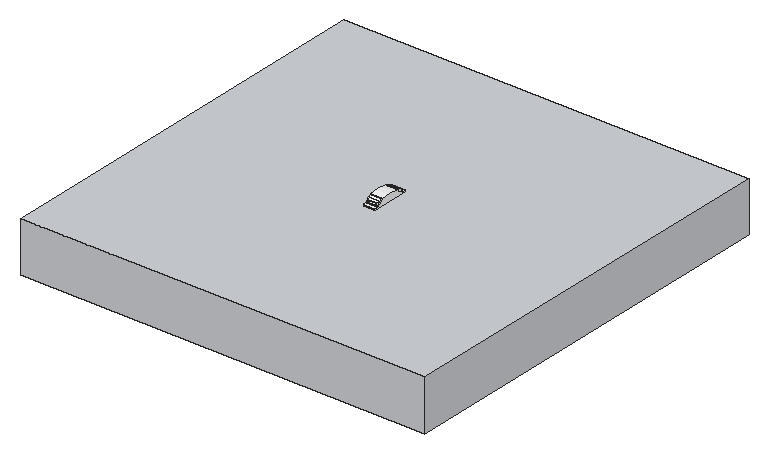
Revit family "Legrand_Lighting_Management_Actuator", category Dispositifs d'éclairage, Revit 2020
Family settings
  Hôte = Face
  Conserver l'orientation des annotations = Non
  Cote de connecteur circulaire = Utiliser le diamètre
  Type d'élément = Normal
  Couper avec des vides une fois chargée = Non
  Partagée = Non
  Point de calcul de pièce = Non
Parameters (values of type "ON/OFF")
  Voltage type = ""
  URL = "http://www.legrandoc.com/048850"
  Temperature (MIN) (°C) = 0
  Temperature (MAX) (°C) = 0
  Suitable for wireless transmission = no
  Substation input = yes
  Response value sensitivity adjustable = no
  Response value luminosity adjustable = no
  Response value luminosity (MIN) (lx) = 0
  Response value luminosity (MAX) (lx) = 0
  Remote operation = no
  RAL-number (akin) = 0
  Nominal voltage (V) = 230
  Mounting method = "Surface mounted (plaster)"
  Modèle = "048850"
  Model = ""
  Min. switch-on time (s) = 0
  Maximum mounting height (m) = 0
  Max. transmission range sideways (m) = 0
  Max. transmission range frontally (m) = 0
  Max. switching power (W) = 0
  Max. starting current (A) = 0
  Max. duty cycle (mn) = 0
  Liaison neutre = no
  HVAC-control = no
  General Conditions of Use = "https://export.legrand.com/en/terms-of-use-BIM-objects"
  Frequency (MIN) (Hz) = 50
  Frequency (MAX) (Hz) = 60
  Forced switch off = no
  Fabricant = "Legrand"
  Default Elevation = 1219.2 mm
  Dim function with dimmer basic element = no
  Diameter detection range on floor (m) = 0
  Detection angle horizontal (MIN) (°) = 0
  Detection angle horizontal (MAX) (°) = 0
  Description = "Lighting management-power pack-ceiling mounting-2 outputs-1x16 A+dry contact"
  Degree of protection (IP) = ""
  Cosses d'artère secondaire = no
  Constant light control = no
  Colour = none
  Collecteur de terre = no
  Alarm function = no
Types (4, lengths in mm): name | URL | Modèle | Description
  (no name) | "http://www.legrandoc.com/048852" | "048852" | "Dimming lighting controlller - 1 input-2 outputs 1-10 V"
  ON/OFF | "http://www.legrandoc.com/048850" | "048850" | "Lighting management-power pack-ceiling mounting-2 outputs-1x16 A+dry contact"
  DALI | "http://www.legrandoc.com/048851" | "048851" | "Room controller for DALI and DSI dimming - 1 input - 2 outputs"
  0-10V | "http://www.legrandoc.com/048852" | "048852" | "Dimming lighting controlller - 1 input-2 outputs 1-10 V"
Reference planes
  plane 1 "Centre (avant/arrière)": y = 0
  plane 2: z = 0
  plane 3 "Centre (gauche/droite)": x = 0
Forms (mm)
  Extrusion 1, solid
    sketch origin (0, 0, 0) x (1, 0, 0) y (0, 1, 0)
      loop
        line (-1219.2, 1219.2) -> (-1219.2, -1219.2) -> (1219.2, -1219.2) -> (1219.2, 1219.2) -> (-1219.2, 1219.2)
    from 0 to -304.8
Dimensions and locks
  aligned and locked: plane 2 to Extrusion 1
  aligned and locked: level to Extrusion 1
Nested families
  nested 1: "Modélisations 42 et 43" at (0, 0, 0), type "Modélisations 42 et 43"
Connectors
  electrical at (0, 0, 0)
    settings: index 1, voltage 230 V, apparent load 0 VA, apparent load phase1 0 VA, apparent load phase2 0 VA, apparent load phase3 0 VA, power factor 1, load classification "Eclairage", number of poles 1, system type 30, power factor state 1, is connector primary yes, connector utility no, sub classification motor no, connector description ""
Definition of nested family "Modélisations 42 et 43"
  Parameters (values of type "Modélisations 42 et 43")
    Profondeur totale = 82 mm
    Matériau couleur = none
    Longueur capot = 65 mm
    Largeur capot = 52 mm
    built-in parameter 1140140 [instance] = 1 (stored number, unit not read)
    Default Elevation = 0 mm
    Diamètre capot = 102 mm
    Ray Capot = Diamètre capot / 2  # 51 mm
    built-in parameter 1140142 [instance] = -1
    built-in parameter 1155100 [instance] = -1
  Reference planes
    plane 1 "Centre (avant/arrière)": y = 0
    plane 2: z = 0
    plane 3 "Centre (gauche/droite)": x = 0
  Forms (mm)
    Extrusion 1, solid, material <- "Matériau couleur"
      sketch origin (0, 0, 0) x (1, 0, 0) y (0, 1, 0)
        loop
          line (-35.5, 0) -> (-35.5, -108.239)
          arc (-35.5, -108.239) -> (-34.746, -111.454) -> (-33.278, -114.413) r 14.377
          arc (-33.278, -114.413) -> (-32.371, -115.193) -> (-31.215, -115.5) r 2.672
          line (-31.215, -115.5) -> (31.215, -115.5)
          arc (31.215, -115.5) -> (32.371, -115.193) -> (33.278, -114.413) r 2.672
          arc (33.278, -114.413) -> (34.746, -111.454) -> (35.5, -108.239) r 14.377
          line (35.5, -108.239) -> (35.5, 0) -> (35.5, 108.239)
          arc (35.5, 108.239) -> (34.81, 111.273) -> (33.483, 114.087) r 14.377
          arc (33.483, 114.087) -> (32.538, 115.098) -> (31.215, 115.5) r 2.672
          line (31.215, 115.5) -> (-31.215, 115.5)
          arc (-31.215, 115.5) -> (-32.371, 115.193) -> (-33.278, 114.413) r 2.672
          arc (-33.278, 114.413) -> (-34.746, 111.454) -> (-35.5, 108.239) r 14.377
          line (-35.5, 108.239) -> (-35.5, 0)
      from 0 to 7
    Extrusion 2, solid, material <- "Matériau couleur"
      sketch origin (0, 0, 0) x (0, 1, 0) y (0, 0, 1)
        loop
          line (91.261, 7) -> (91.261, 10.026)
          arc (91.261, 10.026) -> (70.41, 16.288) -> (57.75, 34) r 33.666
          line (57.75, 34) -> (57.75, 37)
          arc (57.75, 37) -> (0, 44) -> (-57.75, 37) r 241.719
          line (-57.75, 37) -> (-57.75, 34)
          arc (-57.75, 34) -> (-70.41, 16.288) -> (-91.261, 10.026) r 33.666
          line (-91.261, 10.026) -> (-91.261, 7) -> (91.261, 7)
      from -35.5 to 35.5
    Extrusion 3, solid, material <- "Matériau couleur"
      sketch origin (0, 0, 0) x (0, -1, 0) y (0, 0, -1)
        loop
          arc (57.75, -36.5) -> (67.379, -33.919) -> (76.893, -30.944) r 241.719
          arc (76.893, -30.944) -> (83.554, -28.175) -> (89.761, -24.502) r 51.421
          line (89.761, -24.502) -> (89.761, -10.003)
          arc (89.761, -10.003) -> (69.804, -16.731) -> (57.75, -34) r 33.666
          line (57.75, -34) -> (57.75, -36.5)
      from -33.998 to 34.012
    Extrusion 4, void
      sketch origin (0, 0, 0) x (1, 0, 0) y (0, 0, 1)
        loop
          line (-24.5, 9.373) -> (24.5, 9.373) -> (24.5, 17.944)
          arc (24.5, 17.944) -> (23.464, 20.444) -> (20.964, 21.48) r 3.536
          line (20.964, 21.48) -> (-20.964, 21.48)
          arc (-20.964, 21.48) -> (-23.464, 20.444) -> (-24.5, 17.944) r 3.536
          line (-24.5, 17.944) -> (-24.5, 9.373)
      from -94.5 to 93.09
    Extrusion 5, solid, material <- "Matériau couleur"
      sketch origin (0, 0, 0) x (0, 1, 0) y (0, 0, 1)
        loop
          line (57.75, 36.5) -> (57.75, 34)
          arc (57.75, 34) -> (69.804, 16.731) -> (89.761, 10.003) r 33.666
          line (89.761, 10.003) -> (89.761, 24.502)
          arc (89.761, 24.502) -> (83.554, 28.175) -> (76.893, 30.944) r 51.421
          arc (76.893, 30.944) -> (67.379, 33.919) -> (57.75, 36.5) r 241.719
      from -33.998 to 34.012
    Extrusion 6, void
      sketch origin (0, 0, 0) x (1, 0, 0) y (0, 1, 0)
        loop
          line (35.5, 91.261) -> (30.039, 91.261)
          arc (30.039, 91.261) -> (33.9, 89.661) -> (35.5, 85.8) r 5.461
          line (35.5, 85.8) -> (35.5, 91.261)
      from 7 to 36.96
    Extrusion 7, void
      sketch origin (0, 0, 0) x (-1, 0, 0) y (0, -1, 0)
        loop
          line (35.5, -91.261) -> (35.5, -85.8)
          arc (35.5, -85.8) -> (33.9, -89.661) -> (30.039, -91.261) r 5.461
          line (30.039, -91.261) -> (35.5, -91.261)
      from 7 to 34
    Extrusion 8, void
      sketch origin (0, 0, 0) x (1, 0, 0) y (0, 1, 0)
        loop
          line (35.5, -91.261) -> (35.5, -85.8)
          arc (35.5, -85.8) -> (33.9, -89.661) -> (30.039, -91.261) r 5.461
          line (30.039, -91.261) -> (35.5, -91.261)
      from 7 to 250
    Extrusion 9, void
      sketch origin (0, 0, 0) x (-1, 0, 0) y (0, -1, 0)
        loop
          line (35.5, 91.261) -> (30.039, 91.261)
          arc (30.039, 91.261) -> (33.9, 89.661) -> (35.5, 85.8) r 5.461
          line (35.5, 85.8) -> (35.5, 91.261)
      from 7 to 37
    Extrusion 10, void
      sketch origin (0, 0, 0) x (1, 0, 0) y (0, 1, 0)
        loop
          arc (-33.998, 84) -> (-30.735, 88.335) -> (-25.5, 89.761) r 8.377
          line (-25.5, 89.761) -> (-25.5, 93.09) -> (-35.5, 93.09) -> (-35.5, 84) -> (-33.998, 84)
        loop
          line (33.998, 84) -> (35.5, 84) -> (35.5, 93.09) -> (25.5, 93.09) -> (25.5, 89.761)
          arc (25.5, 89.761) -> (30.735, 88.335) -> (33.998, 84) r 8.377
      from 7 to 29.516
    Extrusion 11, void
      sketch origin (0, 0, 0) x (1, 0, 0) y (0, 1, 0)
        loop
          line (-33.998, -84) -> (-35.5, -84) -> (-35.5, -93.09) -> (-25.5, -93.09) -> (-25.5, -89.761)
          arc (-25.5, -89.761) -> (-30.735, -88.335) -> (-33.998, -84) r 8.377
        loop
          arc (33.998, -84) -> (30.735, -88.335) -> (25.5, -89.761) r 8.377
          line (25.5, -89.761) -> (25.5, -93.09) -> (35.5, -93.09) -> (35.5, -84) -> (33.998, -84)
      from 0 to 30.629
  Cuts and joins
    Extrusion 6, Extrusion 7, Extrusion 8, Extrusion 9 cuts Extrusion 1
    Extrusion 6, Extrusion 7, Extrusion 8, Extrusion 9 cuts Extrusion 2
    joined: Extrusion 1, Extrusion 2
    Extrusion 4, Extrusion 11 cuts Extrusion 3
    Extrusion 4, Extrusion 10 cuts Extrusion 5
  Lines and regions (mm)
    model lines, not visible
      curve 1: line (86, 0, 0) -> (0, 0, 0)
      curve 2: line (0, 0, 0) -> (0, -52.187, 0)
      curve 3: arc (86, 0, 0) -> (84.972, -12.666, 0) -> (79.53, -24.148, 0) r 35.33
      curve 4: arc (79.53, -24.148, 0) -> (72.004, -39.03, 0) -> (69.387, -55.499, 0) r 53.916
      curve 5: line (56, -61, 0) -> (61, -60.563, 0)
      curve 6: line (61, -60.563, 0) -> (61, -59.687, 0)
      curve 7: arc (61, -59.687, 0) -> (65.726, -58.66, 0) -> (69.387, -55.499, 0) r 9.813
      curve 8: arc (0, -52.187, 0) -> (22.855, -55.983, 0) -> (46, -57.022, 0) r 193.641
      curve 9: arc (46, -57.022, 0) -> (51.397, -58.014, 0) -> (56, -61, 0) r 14.03
      curve 10: arc (0, -51, -35) -> (0, -46.894, -36.173) -> (0, -43.086, -38.106) r 22.313
      curve 11: line (0, -26, -43.1) -> (0, -21, -43.1)
      curve 12: arc (0, -43.086, -38.106) -> (0, -34.806, -42.622) -> (0, -26, -46) r 71.004
      curve 13: line (0, -26, -46) -> (0, -21, -46)
      curve 14: line (0, -21, -46) -> (0, -18.947, -48.932)
      curve 15: line (0, -18.947, -48.932) -> (0, -12.425, -52)
      curve 16: line (0, -12.425, -52) -> (0, 0, -52)
      curve 17: line (-35.5, 0, 0) -> (-35.5, 91.261, 0)
      curve 18: line (-31.215, 115.5, 0) -> (31.215, 115.5, 0)
      curve 19: line (35.5, 91.261, 0) -> (35.5, 0, 0)
      curve 20: arc (-35.5, 91.261, 0) -> (-34.744, 93.571, 0) -> (-32.498, 94.5, 0) r 2.907
      curve 21: line (-32.498, 94.5, 0) -> (-32.498, 105, 0)
      curve 22: arc (-35.5, 108.239, 0) -> (-34.744, 105.929, 0) -> (-32.498, 105, 0) r 2.907
      curve 23: arc (-35.5, 108.239, 0) -> (-34.746, 111.454, 0) -> (-33.278, 114.413, 0) r 14.377
      curve 24: arc (-33.483, 114.087, 0) -> (-32.538, 115.098, 0) -> (-31.215, 115.5, 0) r 2.672
      curve 25: arc (35.5, 91.261, 0) -> (34.744, 93.571, 0) -> (32.498, 94.5, 0) r 2.907
      curve 26: line (32.498, 94.5, 0) -> (32.498, 105, 0)
      curve 27: arc (35.5, 108.239, 0) -> (34.744, 105.929, 0) -> (32.498, 105, 0) r 2.907
      curve 28: arc (35.5, 108.239, 0) -> (34.746, 111.454, 0) -> (33.278, 114.413, 0) r 14.377
      curve 29: arc (33.483, 114.087, 0) -> (32.538, 115.098, 0) -> (31.215, 115.5, 0) r 2.672
      curve 30: line (-35.5, 0, 0) -> (-35.5, -91.261, 0)
      curve 31: line (-31.215, -115.5, 0) -> (31.215, -115.5, 0)
      curve 32: line (35.5, -91.261, 0) -> (35.5, 0, 0)
      curve 33: arc (-35.5, -91.261, 0) -> (-34.744, -93.571, 0) -> (-32.498, -94.5, 0) r 2.907
      curve 34: line (-32.498, -94.5, 0) -> (-32.498, -105, 0)
      curve 35: arc (-35.5, -108.239, 0) -> (-34.744, -105.929, 0) -> (-32.498, -105, 0) r 2.907
      curve 36: arc (-35.5, -108.239, 0) -> (-34.746, -111.454, 0) -> (-33.278, -114.413, 0) r 14.377
      curve 37: arc (-33.483, -114.087, 0) -> (-32.538, -115.098, 0) -> (-31.215, -115.5, 0) r 2.672
      curve 38: arc (35.5, -91.261, 0) -> (34.744, -93.571, 0) -> (32.498, -94.5, 0) r 2.907
      curve 39: line (32.498, -94.5, 0) -> (32.498, -105, 0)
      curve 40: arc (35.5, -108.239, 0) -> (34.744, -105.929, 0) -> (32.498, -105, 0) r 2.907
      curve 41: arc (35.5, -108.239, 0) -> (34.746, -111.454, 0) -> (33.278, -114.413, 0) r 14.377
      curve 42: arc (33.483, -114.087, 0) -> (32.538, -115.098, 0) -> (31.215, -115.5, 0) r 2.672
      curve 43: arc (0, 0, 44) -> (0, 29.131, 42.614) -> (0, 57.75, 37) r 199.673
      curve 44: line (0, 94.502, 7) -> (0, 94.502, 10)
      curve 45: line (0, 57.75, 37) -> (0, 57.75, 34)
      curve 46: arc (0, 57.75, 34) -> (0, 72.329, 16.185) -> (0, 94.502, 10) r 38.151
      curve 47: arc (0, 0, 44) -> (0, -29.131, 42.614) -> (0, -57.75, 37) r 199.673
      curve 48: line (0, -94.502, 7) -> (0, -94.502, 10)
      curve 49: line (0, -57.75, 37) -> (0, -57.75, 34)
      curve 50: arc (0, -57.75, 34) -> (0, -72.329, 16.185) -> (0, -94.502, 10) r 38.151
      curve 51: line (0, 94.502, 7) -> (0, -94.502, 7)
  Dimensions and locks
    aligned and locked: level to plane 2
